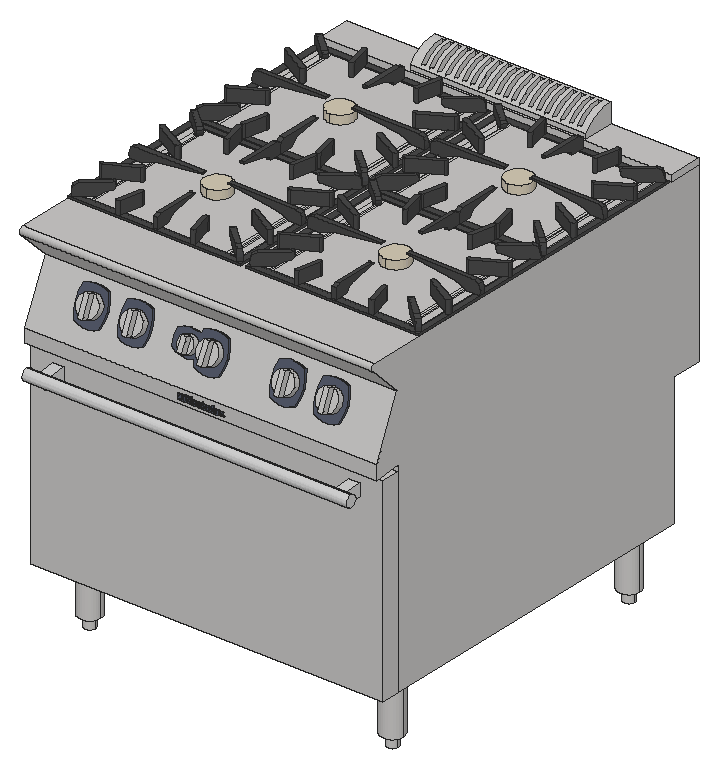
Revit family "QF_ELECTROLUXPROFESSIONAL_391005_E9GCGH4CG0", category Specialty Equipment, Revit 2018
Family settings
  Round Connector Dimension = Use Diameter
  Part Type = Normal
  Work Plane-Based = No
  Always vertical = Yes
  Cut with Voids When Loaded = No
  Shared = No
  Room Calculation Point = No
Parameters
  Weight in Pounds = 115
  Watts = 0 W
  URL Cutsheet = "www.electrolux.com"
  URL = "www.electrolux.com"
  Type Mark [instance] = ""
  Status [instance] = ""
  Specification by User [instance] = ""
  Specification by Manufacturer = ""
  Show Logo [instance] = yes
  Show Clearance [instance] = yes
  Serial Number = ""
  Seismic Rating = ""
  SMACNA No = ""
  Revision Code [instance] = ""
  Omniclass Number and Title = ""
  NAFEM Spec ID Number = ""
  Model = "391005"
  Mechanical Remarks [instance] = ""
  Mechanical Connection Type [instance] = ""
  Masterspec = ""
  Manufacturer = "ELECTROLUX"
  Item Number [instance] = ""
  Installed By [instance] = ""
  Identify Quantity as Lot [instance] = yes
  HP = "0 HP"
  Gas Size = 1/2"
  Gas RI Height [instance] = 0 mm
  Gas KW [instance] = 36.5
  Gas Input [instance] = 124429.0 Btu/h
  Gas Connection Height = 0 mm
  Furnished By [instance] = ""
  Foodservice Equipment Identifier [instance] = yes
  Direct Waste Size = 0"
  Description = "900XP 4 GAS BURNERS 6kW ON GAS OVEN"
  CSI MasterFormat = ""
  CSI Master Format = ""
Reference planes
  plane 1 "BACK": y = 0
  plane 2: z = 0
  plane 3 "LEFT": x = 0
  plane 4 "RIGHT": x = 800.1
  plane 5 "FRONT": y = -930.275
  plane 6 "TOP": z = 908.05
  plane 7 "Center Y": x = 400.05
  plane 8 "Center X": y = -465.137
  plane 9: z = 149.225
  plane 10: z = 1397
  plane 11: y = -80.962
  plane 12: z = 850
  plane 13: y = -128
  plane 14: y = -801.687
  plane 15: y = -576
  plane 16: y = -665
  plane 17: y = -1309
  plane 18: x = 744.1
  plane 19: x = 56
Forms (mm)
  Extrusion 1, solid, material "QF_Finishes_Stainless Steel"
    sketch origin (0, 0, 0) x (0, 1, 0) y (0, 0, 1)
      loop
        line (0, 449.262) -> (0, 850) -> (-922.302, 850)
        arc (-922.302, 850) -> (-930.275, 844.673) -> (-928.404, 835.268) r 8.63
        line (-928.404, 835.268) -> (-859.069, 765.933) -> (-916.765, 640.576) -> (-916.765, 609.279) -> (-856.641, 613.975)
        arc (-856.641, 613.975) -> (-854.117, 613.227) -> (-853.025, 610.831) r 3.175
        line (-853.025, 610.831) -> (-853.025, 149.225) -> (-71.438, 149.225) -> (-71.437, 449.263) -> (0, 449.262)
    from 0 to 800.1
  Revolve 2, solid, material "QF_Finishes_Stainless Steel"
    sketch origin (0, -801.687, 611.731) x (0, 0, -1) y (1, 0, 0)
      loop
        line (462.506, 55.562) -> (462.506, 30.162) -> (586.331, 30.162) -> (586.331, 42.862) -> (611.731, 42.862) -> (611.731, 55.562) -> (462.506, 55.562)
      axis (611.731, 55.562) -> (462.506, 55.562)
    angle from 0 to 360
  Revolve 3, solid, material "QF_Finishes_Stainless Steel"
    sketch origin (800.1, -801.687, 611.731) x (0, 0, -1) y (1, 0, 0)
      loop
        line (462.506, -55.562) -> (611.731, -55.562) -> (611.731, -42.862) -> (586.331, -42.862) -> (586.331, -30.162) -> (462.506, -30.162) -> (462.506, -55.562)
      axis (611.731, -55.562) -> (462.506, -55.562)
    angle from 0 to 360
  Revolve 4, solid, material "QF_Finishes_Stainless Steel"
    sketch origin (800.1, -128.588, 611.731) x (0, 0, -1) y (1, 0, 0)
      loop
        line (462.506, -55.562) -> (611.731, -55.562) -> (611.731, -42.862) -> (586.331, -42.862) -> (586.331, -30.162) -> (462.506, -30.162) -> (462.506, -55.562)
      axis (611.731, -55.562) -> (462.506, -55.562)
    angle from 0 to 360
  Revolve 5, solid, material "QF_Finishes_Stainless Steel"
    sketch origin (111.125, -128.588, 611.731) x (0, 0, -1) y (1, 0, 0)
      loop
        line (462.506, -55.562) -> (611.731, -55.562) -> (611.731, -42.862) -> (586.331, -42.862) -> (586.331, -30.162) -> (462.506, -30.162) -> (462.506, -55.562)
      axis (611.731, -55.562) -> (462.506, -55.562)
    angle from 0 to 360
  Extrusion 6, solid, material "QF_Finishes_Stainless Steel"
    sketch origin (0, 0, 0) x (0, 1, 0) y (0, 0, 1)
      loop
        line (0, 850) -> (0, 864.288) -> (-76.2, 864.288) -> (-76.2, 850) -> (0, 850)
    from 0 to 800.1
  Extrusion 7, void
    sketch origin (-65.011, 0, 865.138) x (-1, 0, 0) y (0, -1, 0)
      loop
        line (-295.005, 6.761) -> (-285.709, 6.761) -> (-285.709, 63.911) -> (-295.005, 63.911) -> (-295.005, 6.761)
      loop
        line (-313.697, 6.761) -> (-304.401, 6.761) -> (-304.401, 63.911) -> (-313.697, 63.911) -> (-313.697, 6.761)
      loop
        line (-332.39, 6.761) -> (-323.094, 6.761) -> (-323.094, 63.911) -> (-332.39, 63.911) -> (-332.39, 6.761)
      loop
        line (-351.082, 6.761) -> (-341.787, 6.761) -> (-341.787, 63.911) -> (-351.082, 63.911) -> (-351.082, 6.761)
      loop
        line (-369.775, 6.761) -> (-360.479, 6.761) -> (-360.479, 63.911) -> (-369.775, 63.911) -> (-369.775, 6.761)
      loop
        line (-388.468, 6.761) -> (-379.172, 6.761) -> (-379.172, 63.911) -> (-388.468, 63.911) -> (-388.468, 6.761)
      loop
        line (-407.16, 6.761) -> (-397.864, 6.761) -> (-397.864, 63.911) -> (-407.16, 63.911) -> (-407.16, 6.761)
      loop
        line (-425.853, 6.761) -> (-416.557, 6.761) -> (-416.557, 63.911) -> (-425.853, 63.911) -> (-425.853, 6.761)
      loop
        line (-444.545, 6.761) -> (-435.25, 6.761) -> (-435.25, 63.911) -> (-444.545, 63.911) -> (-444.545, 6.761)
      loop
        line (-463.238, 6.761) -> (-453.942, 6.761) -> (-453.942, 63.911) -> (-463.238, 63.911) -> (-463.238, 6.761)
      loop
        line (-481.931, 6.761) -> (-472.635, 6.761) -> (-472.635, 63.911) -> (-481.931, 63.911) -> (-481.931, 6.761)
      loop
        line (-500.623, 6.761) -> (-491.328, 6.761) -> (-491.328, 63.911) -> (-500.623, 63.911) -> (-500.623, 6.761)
      loop
        line (-519.316, 6.761) -> (-510.02, 6.761) -> (-510.02, 63.911) -> (-519.316, 63.911) -> (-519.316, 6.761)
      loop
        line (-538.008, 6.761) -> (-528.713, 6.761) -> (-528.713, 63.911) -> (-538.008, 63.911) -> (-538.008, 6.761)
      loop
        line (-556.701, 6.761) -> (-547.405, 6.761) -> (-547.405, 63.911) -> (-556.701, 63.911) -> (-556.701, 6.761)
      loop
        line (-575.394, 6.761) -> (-566.098, 6.761) -> (-566.098, 63.911) -> (-575.394, 63.911) -> (-575.394, 6.761)
      loop
        line (-594.086, 6.761) -> (-584.791, 6.761) -> (-584.791, 63.911) -> (-594.086, 63.911) -> (-594.086, 6.761)
      loop
        line (-612.779, 6.761) -> (-603.483, 6.761) -> (-603.483, 63.911) -> (-612.779, 63.911) -> (-612.779, 6.761)
      loop
        line (-631.472, 6.761) -> (-622.176, 6.761) -> (-622.176, 63.911) -> (-631.472, 63.911) -> (-631.472, 6.761)
      loop
        line (-650.164, 6.761) -> (-640.868, 6.761) -> (-640.868, 63.911) -> (-650.164, 63.911) -> (-650.164, 6.761)
    from 9.525 to 45.348
  Extrusion 8, solid, material "QF_Finishes_Stainless Steel"
    sketch origin (400.05, 175.397, 1219.2) x (0, 1, 0) y (0, 0, 1)
      loop
        line (-175.397, -354.912) -> (-175.397, -311.2)
        arc (-175.397, -311.2) -> (-214.469, -319.821) -> (-245.247, -345.387) r 84.854
        line (-245.247, -345.387) -> (-245.247, -354.912) -> (-175.397, -354.912)
    from -200.05 to 199.95
  Extrusion 9, solid, material "QF_Finishes_Navy Blue"
    sketch origin (0, -890.928, 697.612) x (0, -0.418102, -0.9084) y (1, 0, 0)
      loop
        arc (-53.776, 198.214) -> (-18.194, 190.589) -> (17.514, 197.596) r 90.5
        arc (17.514, 197.596) -> (24.34, 226.784) -> (17.514, 255.972) r 65.817
        arc (17.514, 255.972) -> (-18.193, 262.932) -> (-53.776, 255.359) r 91.066
        arc (-53.776, 255.359) -> (-60.332, 226.786) -> (-53.776, 198.214) r 65.546
      loop
        arc (-53.776, 98.214) -> (-18.194, 90.589) -> (17.514, 97.596) r 90.5
        arc (17.514, 97.596) -> (24.34, 126.784) -> (17.514, 155.972) r 65.817
        arc (17.514, 155.972) -> (-18.193, 162.932) -> (-53.776, 155.359) r 91.066
        arc (-53.776, 155.359) -> (-60.332, 126.786) -> (-53.776, 98.214) r 65.546
      loop
        arc (-53.776, 601.786) -> (-60.332, 573.214) -> (-53.776, 544.641) r 65.546
        arc (-53.776, 544.641) -> (-18.193, 537.068) -> (17.514, 544.028) r 91.066
        arc (17.514, 544.028) -> (24.34, 573.216) -> (17.514, 602.404) r 65.817
        arc (17.514, 602.404) -> (-18.194, 609.411) -> (-53.776, 601.786) r 90.5
      loop
        arc (-53.776, 701.786) -> (-60.332, 673.214) -> (-53.776, 644.641) r 65.546
        arc (-53.776, 644.641) -> (-18.193, 637.068) -> (17.514, 644.028) r 91.066
        arc (17.514, 644.028) -> (24.34, 673.216) -> (17.514, 702.404) r 65.817
        arc (17.514, 702.404) -> (-18.194, 709.411) -> (-53.776, 701.786) r 90.5
      loop
        arc (-40.159, 316.707) -> (-21.848, 313.911) -> (-3.351, 314.901) r 90.5
        arc (-3.351, 314.901) -> (6.915, 339.94) -> (6.238, 366.994) r 65.817
        arc (6.238, 366.994) -> (11.94, 368.741) -> (17.514, 370.86) r 90.5
        arc (17.514, 370.86) -> (24.34, 400.048) -> (17.514, 429.235) r 65.817
        arc (17.514, 429.235) -> (-18.193, 436.195) -> (-53.776, 428.623) r 91.066
        arc (-53.776, 428.623) -> (-60.332, 400.05) -> (-53.776, 371.477) r 65.546
        arc (-53.776, 371.477) -> (-49.379, 369.684) -> (-44.894, 368.124) r 90.5
        arc (-44.894, 368.124) -> (-47.802, 341.929) -> (-40.159, 316.707) r 65.546
    from 0 to 3.175
  Extrusion 10, solid, material "QF_Finishes_Stainless Steel"
    sketch origin (0, -893.812, 698.94) x (0, -0.418102, -0.9084) y (1, 0, 0)
      loop
        circle (-18.131, 227.457) r 25.4
      loop
        circle (-18.131, 127.457) r 25.4
      loop
        circle (-18.131, 572.543) r 25.4
      loop
        circle (-18.131, 672.543) r 25.4
      loop
        circle (-18.131, 349.957) r 19.05
      loop
        circle (-18.131, 400.05) r 25.4
    from 0 to 12.7
  Extrusion 11, solid, material "QF_Finishes_Stainless Steel"
    sketch origin (0, -905.349, 704.25) x (0, -0.418102, -0.9084) y (1, 0, 0)
      loop
        arc (-42.863, 233.243) -> (-43.531, 227.457) -> (-42.863, 221.671) r 25.4
        line (-42.863, 221.671) -> (6.601, 221.671)
        arc (6.601, 221.671) -> (7.269, 227.457) -> (6.601, 233.243) r 25.4
        line (6.601, 233.243) -> (-42.863, 233.243)
      loop
        arc (-42.863, 133.243) -> (-43.531, 127.457) -> (-42.863, 121.671) r 25.4
        line (-42.863, 121.671) -> (6.601, 121.671)
        arc (6.601, 121.671) -> (7.269, 127.457) -> (6.601, 133.243) r 25.4
        line (6.601, 133.243) -> (-42.863, 133.243)
      loop
        arc (-34.426, 356.459) -> (-35.24, 350.69) -> (-34.719, 344.887) r 25.4
        line (-34.719, 344.887) -> (-2.956, 344.887)
        arc (-2.956, 344.887) -> (-2.067, 350.647) -> (-2.515, 356.459) r 25.4
        line (-2.515, 356.459) -> (-34.426, 356.459)
      loop
        arc (-42.863, 579.675) -> (-43.531, 573.889) -> (-42.863, 568.102) r 25.4
        line (-42.863, 568.102) -> (6.601, 568.102)
        arc (6.601, 568.102) -> (7.269, 573.889) -> (6.601, 579.675) r 25.4
        line (6.601, 579.675) -> (-42.863, 579.675)
      loop
        arc (-42.863, 679.675) -> (-43.531, 673.889) -> (-42.863, 668.102) r 25.4
        line (-42.863, 668.102) -> (6.601, 668.102)
        arc (6.601, 668.102) -> (7.269, 673.889) -> (6.601, 679.675) r 25.4
        line (6.601, 679.675) -> (-42.863, 679.675)
      loop
        arc (-42.863, 405.836) -> (-43.531, 400.05) -> (-42.863, 394.264) r 25.4
        line (-42.863, 394.264) -> (6.601, 394.264)
        arc (6.601, 394.264) -> (7.269, 400.05) -> (6.601, 405.836) r 25.4
        line (6.601, 405.836) -> (-42.863, 405.836)
    from 0 to 12.7
  Extrusion 12, solid, material "QF_Finishes_Navy Blue", visible <- "Show Logo"
    sketch origin (0, -916.765, 609.279) x (0, 0, 1) y (-1, 0, 0)
      loop
        line (21.268, -357.807) -> (8.901, -357.807)
        arc (8.901, -357.807) -> (15.085, -362.379) -> (21.268, -357.807) r 6.467
      loop
        arc (21.268, -357.178) -> (20.099, -352.035) -> (15.443, -349.557) r 6.338
        line (15.443, -349.557) -> (15.443, -351.603)
        arc (15.443, -351.603) -> (16.927, -355.258) -> (20.372, -357.178) r 5.941
        line (20.372, -357.178) -> (21.268, -357.178)
      loop
        arc (9.797, -357.178) -> (13.242, -355.258) -> (14.726, -351.603) r 5.941
        line (14.726, -351.603) -> (14.726, -349.557)
        arc (14.726, -349.557) -> (10.032, -352.031) -> (8.742, -357.178) r 6.504
        line (8.742, -357.178) -> (9.797, -357.178)
      loop
        line (21.943, -349.088) -> (8.198, -349.088) -> (8.198, -362.851) -> (21.943, -362.851) -> (21.943, -349.088)
      loop
        arc (22.026, -365.819) -> (21.679, -365.461) -> (21.312, -365.799) r 0.358
        arc (21.312, -365.799) -> (20.997, -366.549) -> (20.281, -366.934) r 1.216
        line (20.281, -366.934) -> (9.868, -366.934)
        arc (9.868, -366.934) -> (9.208, -366.657) -> (8.812, -366.06) r 1.238
        arc (8.812, -366.06) -> (8.417, -365.809) -> (8.112, -366.163) r 0.358
        line (8.112, -366.163) -> (8.112, -376.042) -> (10.863, -376.042) -> (10.863, -375.145)
        arc (10.863, -375.145) -> (9.954, -374.565) -> (9.498, -373.588) r 1.928
        line (9.498, -373.588) -> (9.498, -371.089)
        arc (9.498, -371.089) -> (9.774, -370.36) -> (10.462, -369.996) r 1.101
        line (10.462, -369.996) -> (14.549, -369.996) -> (14.549, -373.67)
        arc (14.549, -373.67) -> (14.196, -374.167) -> (13.631, -374.395) r 1.083
        arc (13.631, -374.395) -> (13.367, -374.7) -> (13.659, -374.978) r 0.292
        line (13.659, -374.978) -> (16.621, -374.978)
        arc (16.621, -374.978) -> (16.924, -374.705) -> (16.686, -374.375) r 0.305
        arc (16.686, -374.375) -> (16.195, -374.127) -> (15.89, -373.67) r 1.083
        line (15.89, -373.67) -> (15.89, -369.996) -> (20.567, -369.996) -> (20.567, -373.744)
        arc (20.567, -373.744) -> (20.353, -374.499) -> (19.747, -374.997) r 1.314
        arc (19.747, -374.997) -> (19.527, -375.401) -> (19.882, -375.694) r 0.361
        line (19.882, -375.694) -> (22.026, -375.694) -> (22.026, -365.819)
      loop
        arc (21.309, -376.474) -> (20.928, -377.393) -> (20.01, -377.773) r 1.299
        line (20.01, -377.773) -> (10.431, -377.773)
        arc (10.431, -377.773) -> (9.593, -377.395) -> (9.321, -376.517) r 1.118
        line (9.321, -376.517) -> (8.112, -376.517) -> (8.112, -381.867) -> (9.3, -381.867)
        arc (9.3, -381.867) -> (9.572, -380.95) -> (10.442, -380.554) r 1.153
        line (10.442, -380.554) -> (22.514, -380.554) -> (21.309, -376.474)
      loop
        line (13.077, -384.503) -> (13.077, -390.951) -> (13.876, -390.951)
        arc (13.876, -390.951) -> (16.456, -389.966) -> (17.725, -387.513) r 3.874
        line (17.725, -387.513) -> (17.725, -385.752)
        arc (17.725, -385.752) -> (16.538, -382.887) -> (13.674, -381.701) r 4.051
        line (13.674, -381.701) -> (11.666, -381.701)
        arc (11.666, -381.701) -> (8.847, -383.186) -> (7.795, -386.193) r 4.352
        arc (7.795, -386.193) -> (8.16, -388.656) -> (9.537, -390.73) r 5.713
        line (9.537, -390.73) -> (10.486, -390.73)
        arc (10.486, -390.73) -> (9.754, -389.161) -> (9.537, -387.443) r 5.579
        arc (9.537, -387.443) -> (10.331, -385.48) -> (12.21, -384.503) r 3.057
        line (12.21, -384.503) -> (13.077, -384.503)
      loop
        line (14.336, -384.503) -> (14.336, -388.085)
        arc (14.336, -388.085) -> (15.793, -388.133) -> (16.676, -386.973) r 1.59
        line (16.676, -386.973) -> (16.676, -386.143)
        arc (16.676, -386.143) -> (15.811, -384.888) -> (14.336, -384.503) r 2.184
      loop
        arc (17.127, -400.368) -> (17.616, -398.694) -> (17.773, -396.957) r 9.023
        line (17.773, -396.957) -> (17.773, -395.595)
        arc (17.773, -395.595) -> (16.614, -392.795) -> (13.814, -391.636) r 3.959
        line (13.814, -391.636) -> (11.214, -391.636)
        arc (11.214, -391.636) -> (8.932, -392.928) -> (7.815, -395.301) r 4.331
        line (7.815, -395.301) -> (7.815, -397.436)
        arc (7.815, -397.436) -> (8.323, -398.986) -> (9.245, -400.332) r 5.772
        arc (9.245, -400.332) -> (10.006, -400.383) -> (10.093, -399.624) r 0.553
        arc (10.093, -399.624) -> (9.705, -398.89) -> (9.571, -398.071) r 2.573
        line (9.571, -398.071) -> (9.571, -396.556)
        arc (9.571, -396.556) -> (10.577, -394.915) -> (12.392, -394.272) r 2.884
        line (12.392, -394.272) -> (13.67, -394.272)
        arc (13.67, -394.272) -> (15.492, -394.832) -> (16.418, -396.497) r 2.554
        line (16.418, -396.497) -> (16.418, -397.55)
        arc (16.418, -397.55) -> (16.087, -398.478) -> (15.43, -399.213) r 2.564
        arc (15.43, -399.213) -> (15.208, -399.93) -> (15.817, -400.368) r 0.643
        line (15.817, -400.368) -> (17.127, -400.368)
      loop
        line (16.109, -400.638) -> (16.109, -402.139) -> (10.061, -402.139)
        arc (10.061, -402.139) -> (8.473, -402.797) -> (7.815, -404.385) r 2.246
        line (7.815, -404.385) -> (7.815, -405.969)
        arc (7.815, -405.969) -> (8.129, -406.834) -> (8.629, -407.605) r 4.06
        arc (8.629, -407.605) -> (9.362, -407.738) -> (9.613, -407.037) r 0.576
        arc (9.613, -407.037) -> (9.507, -406.512) -> (9.571, -405.979) r 1.69
        arc (9.571, -405.979) -> (10.113, -405.191) -> (11.019, -404.888) r 1.506
        line (11.019, -404.888) -> (16.157, -404.888) -> (16.157, -407.285) -> (16.713, -407.842) -> (17.535, -407.842) -> (17.535, -404.982) -> (20.766, -404.982) -> (16.109, -400.638)
      loop
        line (8.032, -408.739) -> (8.032, -414.126) -> (9.142, -414.126)
        arc (9.142, -414.126) -> (9.536, -413.175) -> (10.487, -412.781) r 1.345
        line (10.487, -412.781) -> (14.103, -412.781)
        arc (14.103, -412.781) -> (14.868, -413.373) -> (15.157, -414.295) r 1.615
        line (15.157, -414.295) -> (15.157, -415.851) -> (17.713, -416.536) -> (17.713, -415.153) -> (15.771, -412.594) -> (17.651, -412.594) -> (17.367, -409.888)
        arc (17.367, -409.888) -> (16.927, -409.358) -> (16.268, -409.559) r 0.621
        arc (16.268, -409.559) -> (15.868, -409.901) -> (15.374, -410.084) r 1.501
        line (15.374, -410.084) -> (10.487, -410.084)
        arc (10.487, -410.084) -> (9.536, -409.69) -> (9.142, -408.739) r 1.345
        line (9.142, -408.739) -> (8.032, -408.739)
      loop
        line (14.134, -416.073) -> (11.442, -416.073)
        arc (11.442, -416.073) -> (8.996, -417.381) -> (7.863, -419.912) r 4.288
        arc (7.863, -419.912) -> (7.799, -421.292) -> (7.863, -422.672) r 15.022
        arc (7.863, -422.672) -> (8.996, -425.203) -> (11.442, -426.51) r 4.288
        line (11.442, -426.51) -> (14.134, -426.51)
        arc (14.134, -426.51) -> (16.579, -425.203) -> (17.713, -422.672) r 4.288
        arc (17.713, -422.672) -> (17.777, -421.292) -> (17.713, -419.912) r 15.022
        arc (17.713, -419.912) -> (16.579, -417.381) -> (14.134, -416.073) r 4.288
      loop
        line (14.339, -419.187) -> (11.237, -419.187)
        arc (11.237, -419.187) -> (9.08, -421.344) -> (11.237, -423.501) r 2.157
        line (11.237, -423.501) -> (14.339, -423.501)
        arc (14.339, -423.501) -> (16.496, -421.344) -> (14.339, -419.187) r 2.157
      loop
        arc (21.32, -426.369) -> (20.949, -427.263) -> (20.055, -427.633) r 1.264
        line (20.055, -427.633) -> (10.191, -427.633)
        arc (10.191, -427.633) -> (9.321, -427.236) -> (9.049, -426.32) r 1.153
        line (9.049, -426.32) -> (8.112, -426.32) -> (8.112, -431.428) -> (9.04, -431.428)
        arc (9.04, -431.428) -> (9.399, -430.656) -> (10.191, -430.341) r 1.153
        line (10.191, -430.341) -> (22.514, -430.341) -> (21.32, -426.369)
      loop
        arc (16.44, -430.966) -> (16.241, -432.03) -> (15.272, -432.512) r 1.215
        line (15.272, -432.512) -> (10.252, -432.512)
        arc (10.252, -432.512) -> (8.637, -433.16) -> (7.916, -434.743) r 2.338
        line (7.916, -434.743) -> (7.916, -436.257)
        arc (7.916, -436.257) -> (8.091, -437.261) -> (8.593, -438.147) r 2.979
        line (8.593, -438.147) -> (8.112, -439.944) -> (8.112, -441.633) -> (17.537, -441.633) -> (17.243, -437.429) -> (16.457, -437.429)
        arc (16.457, -437.429) -> (16.101, -438.265) -> (15.349, -438.774) r 1.605
        line (15.349, -438.774) -> (10.246, -438.774)
        arc (10.246, -438.774) -> (9.826, -437.837) -> (9.753, -436.813) r 2.94
        arc (9.753, -436.813) -> (10.314, -435.712) -> (11.467, -435.269) r 1.724
        line (11.467, -435.269) -> (17.664, -435.269) -> (16.44, -430.966)
      loop
        line (17.468, -442.486) -> (15.796, -444.532) -> (12.622, -446.838) -> (9.166, -443.726)
        arc (9.166, -443.726) -> (8.928, -443.332) -> (8.951, -442.873) r 0.789
        line (8.951, -442.873) -> (8.112, -442.873) -> (8.112, -446.418) -> (8.938, -446.418)
        arc (8.938, -446.418) -> (9.28, -446.056) -> (9.77, -446.148) r 0.52
        line (9.77, -446.148) -> (11.57, -447.619) -> (9.452, -448.995)
        arc (9.452, -448.995) -> (9.051, -448.685) -> (8.964, -448.185) r 0.7
        line (8.964, -448.185) -> (8.112, -448.185) -> (8.112, -454.112) -> (8.998, -454.112)
        arc (8.998, -454.112) -> (9.065, -453.453) -> (9.46, -452.922) r 1.247
        line (9.46, -452.922) -> (13.66, -449.641) -> (16.107, -451.694) -> (17.468, -453.436) -> (17.468, -449.713) -> (15.983, -450.135) -> (14.462, -448.858) -> (16.162, -447.668) -> (17.468, -448.445) -> (17.468, -442.486)
    from 0 to 1.644
  Extrusion 13, solid, material "QF_Finishes_Stainless Steel"
    sketch origin (0, -853.025, 610.831) x (0, 0, -1) y (1, 0, 0)
      loop
        line (460.831, 0) -> (460.831, 800) -> (9.61, 800) -> (9.61, 0) -> (460.831, 0)
    from 3.175 to 46.663
  Extrusion 14, solid, material "QF_Finishes_Handrails and Railings"
    sketch origin (50.8, -1053.827, 150) x (0, 0, 1) y (0, 1, 0)
      loop
        circle (420.409, 103.146) r 12.7
    from 19.875 to -718.375
  Extrusion 15, solid, material "QF_Finishes_Handrails and Railings"
    sketch origin (800, -1053.827, 150) x (0, 0, 1) y (0, -1, 0)
      loop
        line (429.101, -153.025) -> (426.396, -114.347)
        arc (426.396, -114.347) -> (412.589, -113.153) -> (408.093, -100.044) r 12.7
        arc (408.093, -100.044) -> (407.276, -100.585) -> (406.501, -101.183) r 13.441
        arc (406.501, -101.183) -> (405.055, -102.989) -> (404.435, -105.216) r 5.77
        line (404.435, -105.216) -> (401.092, -153.025) -> (429.101, -153.025)
    from -50.7 to -76.1
  Extrusion 16, solid, material "QF_Finishes_Handrails and Railings"
    sketch origin (0.1, -1053.827, 150) x (0, 0, 1) y (0, 1, 0)
      loop
        line (429.101, 153.025) -> (401.092, 153.025) -> (404.435, 105.216)
        arc (404.435, 105.216) -> (405.055, 102.989) -> (406.501, 101.183) r 5.77
        arc (406.501, 101.183) -> (407.276, 100.585) -> (408.093, 100.044) r 13.441
        arc (408.093, 100.044) -> (412.589, 113.153) -> (426.396, 114.347) r 12.7
        line (426.396, 114.347) -> (429.101, 153.025)
    from -50.7 to -76.1
  Extrusion 17, solid, material "QF_Door-Drawer Clearances", visible <- "Show Clearance", detail levels coarse
    sketch origin (800, -853.025, 150) x (0, 0, 1) y (0, -1, 0)
      loop
        line (0, 455.843) -> (0, 46.663) -> (451.222, 46.663)
        arc (451.222, 46.663) -> (302.118, 335.621) -> (0, 455.843) r 464.165
    from 0 to -800
  Extrusion 18, solid, material "QF_Finishes_Stainless Steel"
    sketch origin (0, -853.025, 149.225) x (1, 0, 0) y (0, -1, 0)
      loop
        circle (749.3, -187.862) r 6.4
      loop
        circle (757.1, -277.025) r 6.4
    from 0 to 20.638
  Extrusion 19, solid, material "QF_Clearances", visible <- "Show Clearance", detail levels coarse
    sketch origin (0, 0, 0) x (1, 0, 0) y (0, 1, 0)
      loop
        line (-100.013, -930.275) -> (0, -930.275) -> (0, 0) -> (800.1, 0) -> (800.1, -930.275) -> (900.113, -930.275) -> (900.113, 100.013) -> (-100.013, 100.013) -> (-100.013, -930.275)
    from 0 to 908.05
Cuts and joins
  Extrusion 7 cuts Extrusion 8
Lines and regions (mm)
  symbolic lines, style "QF_Clearances", visible <- "Show Clearance", detail levels coarse
    curve 1: line (-100.013, -930.275, 0) -> (-100.012, 100.013, 0)
    curve 2: line (-100.013, 100.013, 0) -> (900.113, 100.013, 0)
    curve 3: line (900.113, 100.013, 0) -> (900.113, -929.879, 0)
  symbolic lines
    curve 4: line (0, 0, 0) -> (800.1, 0, 0)
    curve 5: line (800.1, 0, 0) -> (800.1, -930.275, 0)
    curve 6: line (0, -930.275, 0) -> (0, 0, 0)
    curve 7: line (0, -76.2, 0) -> (800.1, -76.2, 0)
    curve 8: line (0, -930.275, 0) -> (800.1, -930.275, 0)
    curve 12: line (769.175, -963.381, 0) -> (30.925, -963.381, 0)
    curve 13: line (30.925, -963.381, 0) -> (30.925, -937.981, 0)
    curve 14: line (769.175, -963.381, 0) -> (769.175, -937.981, 0)
    curve 15: line (769.175, -937.981, 0) -> (749.3, -937.981, 0)
    curve 16: line (749.3, -953.783, 0) -> (749.3, -930.275, 0)
    curve 17: line (723.9, -953.783, 0) -> (723.9, -930.275, 0)
    curve 18: line (723.9, -937.981, 0) -> (76.2, -937.981, 0)
    curve 19: line (30.925, -937.981, 0) -> (50.8, -937.981, 0)
    curve 20: line (50.8, -930.275, 0) -> (50.8, -953.783, 0)
    curve 21: line (50.8, -953.783, 0) -> (76.2, -953.783, 0)
    curve 22: line (76.2, -953.783, 0) -> (76.2, -930.275, 0)
    curve 23: line (749.3, -953.783, 0) -> (723.9, -953.783, 0)
    curve 24: line (200, -69.85, 0) -> (200, 0, 0)
    curve 25: line (200, -69.85, 0) -> (600, -69.85, 0)
    curve 26: line (600, -69.85, 0) -> (600, 0, 0)
    curve 27: line (585.153, -6.761, 0) -> (585.153, -63.911, 0)
    curve 28: line (585.153, -63.911, 0) -> (575.857, -63.911, 0)
    curve 29: line (575.857, -63.911, 0) -> (575.857, -6.761, 0)
    curve 30: line (575.857, -6.761, 0) -> (585.153, -6.761, 0)
    curve 31: line (566.461, -6.761, 0) -> (566.461, -63.911, 0)
    curve 32: line (566.461, -63.911, 0) -> (557.165, -63.911, 0)
    curve 33: line (557.165, -63.911, 0) -> (557.165, -6.761, 0)
    curve 34: line (557.165, -6.761, 0) -> (566.461, -6.761, 0)
    curve 35: line (547.768, -6.761, 0) -> (547.768, -63.911, 0)
    curve 36: line (547.768, -63.911, 0) -> (538.472, -63.911, 0)
    curve 37: line (538.472, -63.911, 0) -> (538.472, -6.761, 0)
    curve 38: line (538.472, -6.761, 0) -> (547.768, -6.761, 0)
    curve 39: line (529.075, -6.761, 0) -> (529.075, -63.911, 0)
    curve 40: line (529.075, -63.911, 0) -> (519.78, -63.911, 0)
    curve 41: line (519.78, -63.911, 0) -> (519.78, -6.761, 0)
    curve 42: line (519.78, -6.761, 0) -> (529.075, -6.761, 0)
    curve 43: line (510.383, -6.761, 0) -> (510.383, -63.911, 0)
    curve 44: line (510.383, -63.911, 0) -> (501.087, -63.911, 0)
    curve 45: line (501.087, -63.911, 0) -> (501.087, -6.761, 0)
    curve 46: line (501.087, -6.761, 0) -> (510.383, -6.761, 0)
    curve 47: line (491.69, -6.761, 0) -> (491.69, -63.911, 0)
    curve 48: line (491.69, -63.911, 0) -> (482.394, -63.911, 0)
    curve 49: line (482.394, -63.911, 0) -> (482.394, -6.761, 0)
    curve 50: line (482.394, -6.761, 0) -> (491.69, -6.761, 0)
    curve 51: line (472.998, -6.761, 0) -> (472.998, -63.911, 0)
    curve 52: line (472.998, -63.911, 0) -> (463.702, -63.911, 0)
    curve 53: line (463.702, -63.911, 0) -> (463.702, -6.761, 0)
    curve 54: line (463.702, -6.761, 0) -> (472.998, -6.761, 0)
    curve 55: line (454.305, -6.761, 0) -> (454.305, -63.911, 0)
    curve 56: line (454.305, -63.911, 0) -> (445.009, -63.911, 0)
    curve 57: line (445.009, -63.911, 0) -> (445.009, -6.761, 0)
    curve 58: line (445.009, -6.761, 0) -> (454.305, -6.761, 0)
    curve 59: line (435.612, -6.761, 0) -> (435.612, -63.911, 0)
    curve 60: line (435.612, -63.911, 0) -> (426.317, -63.911, 0)
    curve 61: line (426.317, -63.911, 0) -> (426.317, -6.761, 0)
    curve 62: line (426.317, -6.761, 0) -> (435.612, -6.761, 0)
    curve 63: line (416.92, -6.761, 0) -> (416.92, -63.911, 0)
    curve 64: line (416.92, -63.911, 0) -> (407.624, -63.911, 0)
    curve 65: line (407.624, -63.911, 0) -> (407.624, -6.761, 0)
    curve 66: line (407.624, -6.761, 0) -> (416.92, -6.761, 0)
    curve 67: line (398.227, -6.761, 0) -> (398.227, -63.911, 0)
    curve 68: line (398.227, -63.911, 0) -> (388.931, -63.911, 0)
    curve 69: line (388.931, -63.911, 0) -> (388.931, -6.761, 0)
    curve 70: line (388.931, -6.761, 0) -> (398.227, -6.761, 0)
    curve 71: line (379.534, -6.761, 0) -> (379.534, -63.911, 0)
    curve 72: line (379.534, -63.911, 0) -> (370.239, -63.911, 0)
    curve 73: line (370.239, -63.911, 0) -> (370.239, -6.761, 0)
    curve 74: line (370.239, -6.761, 0) -> (379.534, -6.761, 0)
    curve 75: line (360.842, -6.761, 0) -> (360.842, -63.911, 0)
    curve 76: line (360.842, -63.911, 0) -> (351.546, -63.911, 0)
    curve 77: line (351.546, -63.911, 0) -> (351.546, -6.761, 0)
    curve 78: line (351.546, -6.761, 0) -> (360.842, -6.761, 0)
    curve 79: line (342.149, -6.761, 0) -> (342.149, -63.911, 0)
    curve 80: line (342.149, -63.911, 0) -> (332.854, -63.911, 0)
    curve 81: line (332.854, -63.911, 0) -> (332.854, -6.761, 0)
    curve 82: line (332.854, -6.761, 0) -> (342.149, -6.761, 0)
    curve 83: line (323.457, -6.761, 0) -> (323.457, -63.911, 0)
    curve 84: line (323.457, -63.911, 0) -> (314.161, -63.911, 0)
    curve 85: line (314.161, -63.911, 0) -> (314.161, -6.761, 0)
    curve 86: line (314.161, -6.761, 0) -> (323.457, -6.761, 0)
    curve 87: line (304.764, -6.761, 0) -> (304.764, -63.911, 0)
    curve 88: line (304.764, -63.911, 0) -> (295.468, -63.911, 0)
    curve 89: line (295.468, -63.911, 0) -> (295.468, -6.761, 0)
    curve 90: line (295.468, -6.761, 0) -> (304.764, -6.761, 0)
    curve 91: line (286.071, -6.761, 0) -> (286.071, -63.911, 0)
    curve 92: line (286.071, -63.911, 0) -> (276.776, -63.911, 0)
    curve 93: line (276.776, -63.911, 0) -> (276.776, -6.761, 0)
    curve 94: line (276.776, -6.761, 0) -> (286.071, -6.761, 0)
    curve 95: line (267.379, -6.761, 0) -> (267.379, -63.911, 0)
    curve 96: line (267.379, -63.911, 0) -> (258.083, -63.911, 0)
    curve 97: line (258.083, -63.911, 0) -> (258.083, -6.761, 0)
    curve 98: line (258.083, -6.761, 0) -> (267.379, -6.761, 0)
    curve 99: line (248.686, -6.761, 0) -> (248.686, -63.911, 0)
    curve 100: line (248.686, -63.911, 0) -> (239.39, -63.911, 0)
    curve 101: line (239.39, -63.911, 0) -> (239.39, -6.761, 0)
    curve 102: line (239.39, -6.761, 0) -> (248.686, -6.761, 0)
    curve 103: line (229.994, -6.761, 0) -> (229.994, -63.911, 0)
    curve 104: line (229.994, -63.911, 0) -> (220.698, -63.911, 0)
    curve 105: line (220.698, -63.911, 0) -> (220.698, -6.761, 0)
    curve 106: line (220.698, -6.761, 0) -> (229.994, -6.761, 0)
  symbolic lines, style "QF_Door-Drawer Clearances"
    curve 9: line (0, -1308.868, 0) -> (800, -1308.868, 0)
    curve 10: line (800, -1308.868, 0) -> (800, -928.868, 0)
    curve 11: line (0, -1308.868, 0) -> (0, -930.275, 0)
Dimensions and locks
  equal spacing: plane 3 "LEFT", plane 7 "Center Y", plane 4 "RIGHT"
  plane 3 "LEFT" to plane 4 "RIGHT" = 800.1 mm
  equal spacing: plane 5 "FRONT", plane 8 "Center X", plane 1 "BACK"
  plane 5 "FRONT" to plane 1 "BACK" = 930.275 mm  (x2)
  plane 6 "TOP" to plane 2 = 908.05 mm
  plane 9 to plane 2 = 149.225 mm  (x2)
  plane 10 to plane 6 "TOP" = 488.95 mm
  plane 10 to plane 2 = 1397 mm
  plane 10 to plane 9 = 1247.775 mm
  plane 6 "TOP" to plane 12 = 58.05 mm
  plane 12 to plane 2 = 850 mm
  plane 13 to plane 1 "BACK" = 128 mm
  plane 14 to plane 13 = 673.688 mm
  Extrusion 1 sketch curve to plane 1 "BACK" = 71.438 mm
  Extrusion 1 sketch curve to plane 9 = 300.038 mm
  Extrusion 18 sketch curve to plane 4 "RIGHT" = 50.8 mm
  Extrusion 18 sketch curve to plane 1 "BACK" = 665.163 mm
  Extrusion 18 to plane 2 = 128.588 mm
  plane 9 to Extrusion 1 = 300.037 mm
  Extrusion 1 to plane 1 "BACK" = 71.438 mm
  Extrusion 18 sketch curve to plane 1 "BACK" = 576 mm
  Extrusion 18 sketch curve to plane 4 "RIGHT" = 43 mm
  plane 16 to plane 1 "BACK" = 665 mm
  plane 15 to plane 1 "BACK" = 576 mm
  plane 17 to plane 1 "BACK" = 1309 mm
  Extrusion 17 to plane 14 = 98 mm
  Extrusion 17 to plane 1 "BACK" = 899.687 mm
  plane 3 "LEFT" to plane 19 to plane 18 to plane 4 "RIGHT" = 56 mm, 688.1 mm, 56 mm
  aligned and locked: level to plane 2
  aligned and locked: Extrusion 1 to plane 4 "RIGHT"
  aligned and locked: plane 14 to Revolve 2
  aligned and locked: Extrusion 6 to plane 4 "RIGHT"
  aligned and locked: Extrusion 17 to Extrusion 13
  aligned and locked: plane 6 "TOP" to Extrusion 19
Automatic sketch dimensions
  Extrusion 1 sketch curve to plane 12 = 0 mm
  Extrusion 1 sketch curve to plane 9 = 0 mm
  Extrusion 1 sketch curve to plane 1 "BACK" = 0 mm
  plane 14 to Extrusion 1 sketch curve = 51.337 mm
  Extrusion 1 sketch curve to Extrusion 1 sketch curve = 3.175 mm
  Extrusion 1 sketch curve to Extrusion 1 sketch curve = 0.442 mm
  Extrusion 1 sketch curve to plane 5 "FRONT" = 1.871 mm
  Extrusion 1 sketch curve to plane 12 = 240.721 mm
  Extrusion 1 sketch curve to Extrusion 1 sketch curve = 1.552 mm
  Extrusion 1 sketch curve to Extrusion 1 sketch curve = 31.298 mm
  Extrusion 1 sketch curve to plane 12 = 84.067 mm
  Extrusion 1 sketch curve to plane 12 = 14.732 mm
  Revolve 2 sketch curve to plane 9 = 0 mm
  Revolve 2 sketch curve to level = 0 mm
  Revolve 2 sketch curve to Revolve 2 sketch curve = 32.525 mm
  Revolve 2 sketch curve to Revolve 2 sketch curve = 50.8 mm
  level to Revolve 2 sketch curve = 25.4 mm
  Revolve 2 sketch curve to Revolve 2 sketch curve = 12.7 mm  (x2)
  Revolve 3 sketch curve to plane 9 = 0 mm
  Revolve 3 sketch curve to level = 0 mm
  Revolve 3 sketch curve to Revolve 3 sketch curve = 32.525 mm
  Revolve 3 sketch curve to Revolve 3 sketch curve = 50.8 mm
  level to Revolve 3 sketch curve = 25.4 mm
  Revolve 3 sketch curve to Revolve 3 sketch curve = 12.7 mm
  Revolve 3 sketch curve to Revolve 3 sketch curve = 25.4 mm
  Revolve 4 sketch curve to plane 9 = 0 mm
  Revolve 4 sketch curve to level = 0 mm
  Revolve 4 sketch curve to Revolve 4 sketch curve = 32.525 mm
  Revolve 4 sketch curve to Revolve 4 sketch curve = 50.8 mm
  level to Revolve 4 sketch curve = 25.4 mm
  Revolve 4 sketch curve to Revolve 4 sketch curve = 12.7 mm
  Revolve 4 sketch curve to Revolve 4 sketch curve = 25.4 mm
  Revolve 5 sketch curve to plane 9 = 0 mm
  Revolve 5 sketch curve to level = 0 mm
  Revolve 5 sketch curve to Revolve 5 sketch curve = 32.525 mm
  Revolve 5 sketch curve to Revolve 5 sketch curve = 50.8 mm
  level to Revolve 5 sketch curve = 25.4 mm
  Extrusion 6 sketch curve to plane 12 = 0 mm
  Extrusion 6 sketch curve to plane 1 "BACK" = 0 mm
  plane 11 to Extrusion 6 sketch curve = 4.763 mm
  plane 12 to Extrusion 6 sketch curve = 14.288 mm
  plane 11 to Extrusion 7 sketch curve = 17.052 mm  (x19)
  Extrusion 7 sketch curve to Extrusion 7 sketch curve = 9.296 mm  (x20)
  Extrusion 7 sketch curve to Extrusion 7 sketch curve = 9.397 mm  (x18)
  plane 7 "Center Y" to Extrusion 7 sketch curve = 7.574 mm
  Extrusion 7 sketch curve to plane 7 "Center Y" = 1.823 mm
  Extrusion 7 sketch curve to Extrusion 7 sketch curve = 0 mm
  plane 1 "BACK" to Extrusion 7 sketch curve = 6.761 mm  (x20)
  Extrusion 8 sketch curve to plane 1 "BACK" = 0 mm
  plane 1 "BACK" to Extrusion 8 sketch curve = 1.769 mm
  plane 11 to Extrusion 8 sketch curve = 11.113 mm
  Extrusion 8 sketch curve to plane 12 = 26.835 mm
  plane 12 to Extrusion 8 sketch curve = 14.288 mm
  Extrusion 8 sketch curve to Extrusion 8 sketch curve = 9.525 mm
  Extrusion 9 sketch curve to Extrusion 9 sketch curve = 0 mm  (x13)
  Extrusion 9 sketch curve to plane 7 "Center Y" = 0 mm
  Extrusion 9 sketch curve to plane 7 "Center Y" = 48.195 mm
  Extrusion 9 sketch curve to Extrusion 9 sketch curve = 4.038 mm  (x2)
  plane 7 "Center Y" to Extrusion 9 sketch curve = 28.573 mm
  Extrusion 9 sketch curve to Extrusion 9 sketch curve = 8.882 mm
  Extrusion 9 sketch curve to Extrusion 9 sketch curve = 12.3 mm  (x14)
  Extrusion 9 sketch curve to plane 7 "Center Y" = 0.002 mm
  Extrusion 9 sketch curve to Extrusion 9 sketch curve = 17.655 mm
  Extrusion 9 sketch curve to Extrusion 9 sketch curve = 36.365 mm  (x6)
  Extrusion 9 sketch curve to Extrusion 9 sketch curve = 22.748 mm
  Extrusion 9 sketch curve to Extrusion 9 sketch curve = 27.483 mm
  plane 7 "Center Y" to Extrusion 9 sketch curve = 4.252 mm
  Extrusion 9 sketch curve to Extrusion 9 sketch curve = 24.066 mm
  Extrusion 9 sketch curve to Extrusion 9 sketch curve = 14.06 mm
  Extrusion 9 sketch curve to Extrusion 9 sketch curve = 46.691 mm  (x4)
  Extrusion 9 sketch curve to Extrusion 9 sketch curve = 22.625 mm
  Extrusion 9 sketch curve to Extrusion 9 sketch curve = 23.649 mm
  Extrusion 9 sketch curve to Extrusion 9 sketch curve = 11.23 mm
  Extrusion 9 sketch curve to Extrusion 9 sketch curve = 11.276 mm
  plane 7 "Center Y" to Extrusion 9 sketch curve = 29.185 mm
  Extrusion 9 sketch curve to Extrusion 9 sketch curve = 25.727 mm  (x2)
  Extrusion 9 sketch curve to Extrusion 9 sketch curve = 28.57 mm  (x2)
  Extrusion 9 sketch curve to Extrusion 9 sketch curve = 9.217 mm  (x2)
  Extrusion 9 sketch curve to Extrusion 9 sketch curve = 16.51 mm  (x2)
  Extrusion 9 sketch curve to Extrusion 9 sketch curve = 17.128 mm
  Extrusion 9 sketch curve to Extrusion 9 sketch curve = 30.232 mm
  Extrusion 9 sketch curve to Extrusion 9 sketch curve = 64.564 mm
  Extrusion 9 sketch curve to Extrusion 9 sketch curve = 25.114 mm
  Extrusion 9 sketch curve to Extrusion 9 sketch curve = 29.185 mm  (x2)
  Extrusion 10 sketch curve to Extrusion 10 sketch curve = 0 mm  (x5)
  Extrusion 10 sketch curve to Extrusion 10 sketch curve = 100 mm  (x2)
  Extrusion 10 sketch curve to Extrusion 10 sketch curve = 122.5 mm
  Extrusion 10 sketch curve to Extrusion 10 sketch curve = 50.093 mm
  Extrusion 10 sketch curve to Extrusion 10 sketch curve = 172.493 mm
  Extrusion 11 sketch curve to Extrusion 11 sketch curve = 0 mm  (x10)
  Extrusion 11 sketch curve to Extrusion 11 sketch curve = 9.318 mm
  Extrusion 11 sketch curve to Extrusion 11 sketch curve = 6.977 mm
  Extrusion 11 sketch curve to Extrusion 11 sketch curve = 7.271 mm
  Extrusion 11 sketch curve to Extrusion 11 sketch curve = 24.732 mm  (x8)
  Extrusion 11 sketch curve to Extrusion 11 sketch curve = 17.6 mm
  Extrusion 11 sketch curve to Extrusion 11 sketch curve = 6.893 mm
  Extrusion 11 sketch curve to Extrusion 11 sketch curve = 7.334 mm
  Extrusion 11 sketch curve to Extrusion 11 sketch curve = 49.377 mm
  Extrusion 11 sketch curve to Extrusion 11 sketch curve = 5.159 mm
  Extrusion 11 sketch curve to Extrusion 11 sketch curve = 162.266 mm
  Extrusion 11 sketch curve to Extrusion 11 sketch curve = 5.786 mm  (x2)
  Extrusion 11 sketch curve to Extrusion 11 sketch curve = 88.428 mm
  Extrusion 12 sketch curve to Extrusion 1 = 2.755 mm
  Extrusion 12 sketch curve to Extrusion 1 = 7.795 mm
  Extrusion 12 sketch curve to Extrusion 1 = 7.815 mm  (x2)
  Extrusion 12 sketch curve to Extrusion 12 sketch curve = 5.108 mm  (x2)
  Extrusion 12 sketch curve to Extrusion 12 sketch curve = 0 mm  (x27)
  Extrusion 12 sketch curve to Extrusion 1 = 7.916 mm
  Extrusion 12 sketch curve to Extrusion 12 sketch curve = 0.218 mm
  Extrusion 12 sketch curve to Extrusion 12 sketch curve = 0.195 mm
  Extrusion 12 sketch curve to Extrusion 12 sketch curve = 0.249 mm
  Extrusion 12 sketch curve to Extrusion 1 = 8.112 mm
  Extrusion 12 sketch curve to Extrusion 12 sketch curve = 0.087 mm
  Extrusion 12 sketch curve to Extrusion 12 sketch curve = 0.358 mm
  Extrusion 12 sketch curve to Extrusion 12 sketch curve = 0.481 mm
  Extrusion 12 sketch curve to Extrusion 12 sketch curve = 0.597 mm
  Extrusion 12 sketch curve to Extrusion 12 sketch curve = 0.544 mm
  Extrusion 12 sketch curve to Extrusion 12 sketch curve = 0.936 mm
  Extrusion 12 sketch curve to Extrusion 12 sketch curve = 0.594 mm
  Extrusion 12 sketch curve to Extrusion 12 sketch curve = 0.343 mm
  Extrusion 12 sketch curve to Extrusion 12 sketch curve = 0.159 mm
  Extrusion 12 sketch curve to Extrusion 12 sketch curve = 0.826 mm
  Extrusion 12 sketch curve to Extrusion 12 sketch curve = 0.839 mm
  Extrusion 12 sketch curve to Extrusion 12 sketch curve = 0.852 mm
  Extrusion 12 sketch curve to Extrusion 12 sketch curve = 0.887 mm
  Extrusion 12 sketch curve to Extrusion 12 sketch curve = 0.928 mm
  Extrusion 12 sketch curve to Extrusion 12 sketch curve = 0.938 mm
  Extrusion 12 sketch curve to Extrusion 12 sketch curve = 0.444 mm
  Extrusion 12 sketch curve to Extrusion 12 sketch curve = 1.11 mm  (x3)
  Extrusion 12 sketch curve to Extrusion 12 sketch curve = 0.215 mm
  Extrusion 12 sketch curve to Extrusion 12 sketch curve = 1.43 mm
  Extrusion 12 sketch curve to Extrusion 12 sketch curve = 1.188 mm
  Extrusion 12 sketch curve to Extrusion 12 sketch curve = 1.21 mm  (x2)
  Extrusion 12 sketch curve to Extrusion 12 sketch curve = 0.503 mm
  Extrusion 12 sketch curve to Extrusion 12 sketch curve = 0.488 mm
  Extrusion 12 sketch curve to Extrusion 12 sketch curve = 0.462 mm
  Extrusion 12 sketch curve to Extrusion 12 sketch curve = 1.386 mm
  Extrusion 12 sketch curve to Extrusion 12 sketch curve = 1.742 mm  (x2)
  Extrusion 12 sketch curve to Extrusion 12 sketch curve = 0.821 mm
  Extrusion 12 sketch curve to Extrusion 12 sketch curve = 0.497 mm
  Extrusion 12 sketch curve to Extrusion 12 sketch curve = 0.539 mm
  Extrusion 12 sketch curve to Extrusion 12 sketch curve = 0.199 mm
  Extrusion 12 sketch curve to Extrusion 12 sketch curve = 0.408 mm
  Extrusion 12 sketch curve to Extrusion 12 sketch curve = 0.743 mm
  Extrusion 12 sketch curve to Extrusion 12 sketch curve = 1.16 mm
  Extrusion 12 sketch curve to Extrusion 12 sketch curve = 0.329 mm
  Extrusion 12 sketch curve to Extrusion 12 sketch curve = 1.054 mm
  Extrusion 12 sketch curve to Extrusion 12 sketch curve = 1.056 mm
  Extrusion 12 sketch curve to Extrusion 12 sketch curve = 0.129 mm
  Extrusion 12 sketch curve to Extrusion 12 sketch curve = 0.489 mm
  Extrusion 12 sketch curve to Extrusion 12 sketch curve = 0.441 mm
  Extrusion 12 sketch curve to Extrusion 12 sketch curve = 1.151 mm
  Extrusion 12 sketch curve to Extrusion 12 sketch curve = 1.141 mm  (x2)
  Extrusion 12 sketch curve to Extrusion 12 sketch curve = 0.768 mm
  Extrusion 12 sketch curve to Extrusion 12 sketch curve = 1.653 mm
  Extrusion 12 sketch curve to Extrusion 12 sketch curve = 0.499 mm
  Extrusion 12 sketch curve to Extrusion 12 sketch curve = 0.964 mm
  Extrusion 12 sketch curve to Extrusion 12 sketch curve = 0.949 mm
  Extrusion 12 sketch curve to Extrusion 12 sketch curve = 1.345 mm  (x3)
  Extrusion 12 sketch curve to Extrusion 12 sketch curve = 1.101 mm
  Extrusion 12 sketch curve to Extrusion 12 sketch curve = 0.432 mm
  Extrusion 12 sketch curve to Extrusion 12 sketch curve = 1.142 mm
  Extrusion 12 sketch curve to Extrusion 12 sketch curve = 0.959 mm
  Extrusion 12 sketch curve to Extrusion 12 sketch curve = 0.176 mm
  Extrusion 12 sketch curve to Extrusion 12 sketch curve = 0.728 mm
  Extrusion 12 sketch curve to Extrusion 12 sketch curve = 3.375 mm  (x2)
  Extrusion 12 sketch curve to Extrusion 12 sketch curve = 0.541 mm
  Extrusion 12 sketch curve to Extrusion 12 sketch curve = 0.955 mm
  Extrusion 12 sketch curve to Extrusion 12 sketch curve = 1.251 mm
  Extrusion 12 sketch curve to Extrusion 12 sketch curve = 0.572 mm
  Extrusion 12 sketch curve to Extrusion 12 sketch curve = 1.92 mm
  Extrusion 12 sketch curve to Extrusion 12 sketch curve = 1.224 mm
  Extrusion 12 sketch curve to Extrusion 12 sketch curve = 0.745 mm
  Extrusion 12 sketch curve to Extrusion 12 sketch curve = 2.537 mm
  Extrusion 12 sketch curve to Extrusion 12 sketch curve = 0.896 mm  (x3)
  Extrusion 12 sketch curve to Extrusion 12 sketch curve = 0.036 mm
  Extrusion 12 sketch curve to Extrusion 12 sketch curve = 2.607 mm
  Extrusion 12 sketch curve to Extrusion 12 sketch curve = 0.066 mm
  Extrusion 12 sketch curve to Extrusion 12 sketch curve = 0.248 mm
  Extrusion 12 sketch curve to Extrusion 12 sketch curve = 0.449 mm
  Extrusion 12 sketch curve to Extrusion 12 sketch curve = 1.052 mm
  Extrusion 12 sketch curve to Extrusion 12 sketch curve = 1.863 mm
  Extrusion 12 sketch curve to Extrusion 12 sketch curve = 1.31 mm  (x2)
  Extrusion 12 sketch curve to Extrusion 12 sketch curve = 0.901 mm
  Extrusion 12 sketch curve to Extrusion 12 sketch curve = 1.107 mm
  Extrusion 12 sketch curve to Extrusion 12 sketch curve = 2.122 mm
  Extrusion 12 sketch curve to Extrusion 12 sketch curve = 2.101 mm
  Extrusion 12 sketch curve to Extrusion 12 sketch curve = 0.106 mm
  Extrusion 12 sketch curve to Extrusion 12 sketch curve = 0.029 mm
  Extrusion 12 sketch curve to Extrusion 12 sketch curve = 2.09 mm
  Extrusion 12 sketch curve to Extrusion 12 sketch curve = 1.279 mm
  Extrusion 12 sketch curve to Extrusion 12 sketch curve = 2.008 mm
  Extrusion 12 sketch curve to Extrusion 12 sketch curve = 0.738 mm
  Extrusion 12 sketch curve to Extrusion 12 sketch curve = 0.382 mm
  Extrusion 12 sketch curve to Extrusion 12 sketch curve = 0.384 mm
  Extrusion 12 sketch curve to Extrusion 12 sketch curve = 0.002 mm
  Extrusion 12 sketch curve to Extrusion 12 sketch curve = 0.561 mm
  Extrusion 12 sketch curve to Extrusion 12 sketch curve = 0.592 mm
  Extrusion 12 sketch curve to Extrusion 12 sketch curve = 2.692 mm
  Extrusion 12 sketch curve to Extrusion 12 sketch curve = 1.259 mm
  Extrusion 12 sketch curve to Extrusion 12 sketch curve = 0.802 mm
  Extrusion 12 sketch curve to Extrusion 12 sketch curve = 1.024 mm  (x2)
  Extrusion 12 sketch curve to Extrusion 12 sketch curve = 0.682 mm
  Extrusion 12 sketch curve to Extrusion 12 sketch curve = 5.934 mm
  Extrusion 12 sketch curve to Extrusion 12 sketch curve = 2.186 mm
  Extrusion 12 sketch curve to Extrusion 12 sketch curve = 0.337 mm
  Extrusion 12 sketch curve to Extrusion 12 sketch curve = 0.021 mm
  Extrusion 12 sketch curve to Extrusion 12 sketch curve = 1.005 mm
  Extrusion 12 sketch curve to Extrusion 12 sketch curve = 0.552 mm
  Extrusion 12 sketch curve to Extrusion 12 sketch curve = 0.778 mm
  Extrusion 12 sketch curve to Extrusion 12 sketch curve = 0.063 mm
  Extrusion 12 sketch curve to Extrusion 12 sketch curve = 1.023 mm
  Extrusion 12 sketch curve to Extrusion 12 sketch curve = 3.804 mm
  Extrusion 12 sketch curve to Extrusion 12 sketch curve = 0.486 mm
  Extrusion 12 sketch curve to Extrusion 12 sketch curve = 0.266 mm
  Extrusion 12 sketch curve to Extrusion 12 sketch curve = 1.547 mm
  Extrusion 12 sketch curve to Extrusion 12 sketch curve = 0.717 mm  (x2)
  Extrusion 12 sketch curve to Extrusion 12 sketch curve = 1.667 mm
  Extrusion 12 sketch curve to Extrusion 12 sketch curve = 3.174 mm
  Extrusion 12 sketch curve to Extrusion 12 sketch curve = 0.388 mm
  Extrusion 12 sketch curve to Extrusion 12 sketch curve = 1.342 mm
  Extrusion 12 sketch curve to Extrusion 12 sketch curve = 1.521 mm
  Extrusion 12 sketch curve to Extrusion 12 sketch curve = 0.124 mm
  Extrusion 12 sketch curve to Extrusion 12 sketch curve = 0.291 mm
  Extrusion 12 sketch curve to Extrusion 12 sketch curve = 1.049 mm  (x2)
  Extrusion 12 sketch curve to Extrusion 12 sketch curve = 1.7 mm
  Extrusion 12 sketch curve to Extrusion 12 sketch curve = 0.894 mm
  Extrusion 12 sketch curve to Extrusion 12 sketch curve = 0.989 mm
  Extrusion 12 sketch curve to Extrusion 12 sketch curve = 1.168 mm
  Extrusion 12 sketch curve to Extrusion 12 sketch curve = 1.594 mm
  Extrusion 12 sketch curve to Extrusion 12 sketch curve = 0.731 mm
  Extrusion 12 sketch curve to Extrusion 12 sketch curve = 1.566 mm
  Extrusion 12 sketch curve to Extrusion 12 sketch curve = 0.064 mm
  Extrusion 12 sketch curve to Extrusion 12 sketch curve = 0.556 mm  (x2)
  Extrusion 12 sketch curve to Extrusion 12 sketch curve = 0.48 mm
  Extrusion 12 sketch curve to Extrusion 12 sketch curve = 1.018 mm
  Extrusion 12 sketch curve to Extrusion 12 sketch curve = 0.787 mm
  Extrusion 12 sketch curve to Extrusion 12 sketch curve = 0.618 mm
  Extrusion 12 sketch curve to Extrusion 12 sketch curve = 1.672 mm
  Extrusion 12 sketch curve to Extrusion 12 sketch curve = 1.361 mm
  Extrusion 12 sketch curve to Extrusion 12 sketch curve = 0.822 mm
  Extrusion 12 sketch curve to Extrusion 12 sketch curve = 0.069 mm
  Extrusion 12 sketch curve to Extrusion 12 sketch curve = 1.88 mm
  Extrusion 12 sketch curve to Extrusion 12 sketch curve = 0.42 mm
  Extrusion 12 sketch curve to Extrusion 12 sketch curve = 0.062 mm
  Extrusion 12 sketch curve to Extrusion 12 sketch curve = 1.355 mm
  Extrusion 12 sketch curve to Extrusion 12 sketch curve = 2.34 mm
  Extrusion 12 sketch curve to Extrusion 12 sketch curve = 0.493 mm
  Extrusion 12 sketch curve to Extrusion 12 sketch curve = 0.136 mm
  Extrusion 12 sketch curve to Extrusion 12 sketch curve = 0.128 mm
  Extrusion 12 sketch curve to Extrusion 12 sketch curve = 3.616 mm
  Extrusion 12 sketch curve to Extrusion 12 sketch curve = 4.207 mm
  Extrusion 12 sketch curve to Extrusion 12 sketch curve = 0.183 mm
  Extrusion 12 sketch curve to Extrusion 12 sketch curve = 0.895 mm
  Extrusion 12 sketch curve to Extrusion 12 sketch curve = 1.314 mm
  Extrusion 12 sketch curve to Extrusion 12 sketch curve = 3.231 mm
  Extrusion 12 sketch curve to Extrusion 12 sketch curve = 1.299 mm
  Extrusion 12 sketch curve to Extrusion 12 sketch curve = 1.214 mm
  Extrusion 12 sketch curve to Extrusion 12 sketch curve = 1.264 mm
  Extrusion 12 sketch curve to Extrusion 12 sketch curve = 0.109 mm
  Extrusion 12 sketch curve to Extrusion 12 sketch curve = 0.357 mm
  Extrusion 12 sketch curve to Extrusion 12 sketch curve = 0.565 mm
  Extrusion 12 sketch curve to Extrusion 12 sketch curve = 2.504 mm
  Extrusion 12 sketch curve to Extrusion 12 sketch curve = 2.459 mm
  Extrusion 1 to Extrusion 12 sketch curve = 345.988 mm
  Extrusion 12 sketch curve to Extrusion 12 sketch curve = 0.208 mm
  Extrusion 12 sketch curve to Extrusion 12 sketch curve = 0.468 mm  (x2)
  Extrusion 12 sketch curve to Extrusion 12 sketch curve = 1.559 mm
  Extrusion 12 sketch curve to Extrusion 12 sketch curve = 0.422 mm  (x2)
  Extrusion 12 sketch curve to Extrusion 12 sketch curve = 0.494 mm
  Extrusion 12 sketch curve to Extrusion 12 sketch curve = 3.927 mm
  Extrusion 12 sketch curve to Extrusion 12 sketch curve = 0.782 mm
  Extrusion 12 sketch curve to Extrusion 12 sketch curve = 1.268 mm
  Extrusion 12 sketch curve to Extrusion 12 sketch curve = 0.671 mm
  Extrusion 12 sketch curve to Extrusion 12 sketch curve = 0.777 mm
  Extrusion 12 sketch curve to Extrusion 12 sketch curve = 0.704 mm
  Extrusion 12 sketch curve to Extrusion 12 sketch curve = 0.781 mm  (x2)
  Extrusion 12 sketch curve to Extrusion 12 sketch curve = 1.634 mm
  Extrusion 12 sketch curve to Extrusion 12 sketch curve = 0.132 mm
  Extrusion 12 sketch curve to Extrusion 12 sketch curve = 3.136 mm
  Extrusion 12 sketch curve to Extrusion 12 sketch curve = 2.422 mm
  Extrusion 12 sketch curve to Extrusion 12 sketch curve = 0.586 mm
  Extrusion 12 sketch curve to Extrusion 12 sketch curve = 2.046 mm  (x2)
  Extrusion 12 sketch curve to Extrusion 12 sketch curve = 1.241 mm
  Extrusion 12 sketch curve to Extrusion 12 sketch curve = 1.689 mm
  Extrusion 12 sketch curve to Extrusion 12 sketch curve = 2.859 mm
  Extrusion 12 sketch curve to Extrusion 12 sketch curve = 0.627 mm
  Extrusion 12 sketch curve to Extrusion 12 sketch curve = 0.863 mm
  Extrusion 12 sketch curve to Extrusion 12 sketch curve = 0.419 mm
  Extrusion 12 sketch curve to Extrusion 12 sketch curve = 1.514 mm
  Extrusion 12 sketch curve to Extrusion 12 sketch curve = 1.019 mm
  Extrusion 12 sketch curve to Extrusion 12 sketch curve = 0.065 mm
  Extrusion 12 sketch curve to Extrusion 12 sketch curve = 1.215 mm
  Extrusion 12 sketch curve to Extrusion 12 sketch curve = 2.708 mm
  Extrusion 12 sketch curve to Extrusion 12 sketch curve = 1.122 mm
  Extrusion 12 sketch curve to Extrusion 12 sketch curve = 1.153 mm
  Extrusion 12 sketch curve to Extrusion 12 sketch curve = 3.009 mm
  Extrusion 12 sketch curve to Extrusion 12 sketch curve = 0.829 mm  (x2)
  Extrusion 12 sketch curve to Extrusion 12 sketch curve = 0.934 mm
  Extrusion 12 sketch curve to Extrusion 12 sketch curve = 3.376 mm
  Extrusion 12 sketch curve to Extrusion 12 sketch curve = 0.222 mm
  Extrusion 12 sketch curve to Extrusion 12 sketch curve = 1.383 mm
  Extrusion 12 sketch curve to Extrusion 12 sketch curve = 1.556 mm
  Extrusion 12 sketch curve to Extrusion 12 sketch curve = 2.559 mm
  Extrusion 12 sketch curve to Extrusion 12 sketch curve = 2.51 mm
  Extrusion 12 sketch curve to Extrusion 12 sketch curve = 0.131 mm
  Extrusion 12 sketch curve to Extrusion 12 sketch curve = 1.717 mm
  Extrusion 12 sketch curve to Extrusion 12 sketch curve = 1.134 mm
  Extrusion 12 sketch curve to Extrusion 12 sketch curve = 0.366 mm
  Extrusion 12 sketch curve to Extrusion 12 sketch curve = 0.094 mm
  Extrusion 12 sketch curve to Extrusion 12 sketch curve = 1.584 mm
  Extrusion 12 sketch curve to Extrusion 12 sketch curve = 1.501 mm
  Extrusion 12 sketch curve to Extrusion 12 sketch curve = 0.27 mm
  Extrusion 12 sketch curve to Extrusion 12 sketch curve = 1.808 mm
  Extrusion 12 sketch curve to Extrusion 12 sketch curve = 0.643 mm
  Extrusion 12 sketch curve to Extrusion 12 sketch curve = 0.916 mm
  Extrusion 12 sketch curve to Extrusion 12 sketch curve = 0.352 mm
  Extrusion 12 sketch curve to Extrusion 12 sketch curve = 0.458 mm
  Extrusion 12 sketch curve to Extrusion 12 sketch curve = 1.282 mm
  Extrusion 12 sketch curve to Extrusion 12 sketch curve = 1.363 mm
  Extrusion 12 sketch curve to Extrusion 12 sketch curve = 0.685 mm
  Extrusion 12 sketch curve to Extrusion 12 sketch curve = 0.905 mm
  Extrusion 12 sketch curve to Extrusion 12 sketch curve = 2.865 mm
  Extrusion 12 sketch curve to Extrusion 12 sketch curve = 0.472 mm
  Extrusion 12 sketch curve to Extrusion 12 sketch curve = 0.101 mm
  Extrusion 12 sketch curve to Extrusion 12 sketch curve = 0.54 mm
  Extrusion 12 sketch curve to Extrusion 12 sketch curve = 0.02 mm
  Extrusion 12 sketch curve to Extrusion 12 sketch curve = 0.582 mm
  Extrusion 12 sketch curve to Extrusion 12 sketch curve = 0.166 mm
  Extrusion 12 sketch curve to Extrusion 12 sketch curve = 0.16 mm
  Extrusion 12 sketch curve to Extrusion 12 sketch curve = 2.781 mm
  Extrusion 12 sketch curve to Extrusion 12 sketch curve = 1.118 mm
  Extrusion 12 sketch curve to Extrusion 12 sketch curve = 0.613 mm
  Extrusion 12 sketch curve to Extrusion 12 sketch curve = 0.361 mm
  Extrusion 12 sketch curve to Extrusion 12 sketch curve = 0.897 mm
  Extrusion 12 sketch curve to Extrusion 12 sketch curve = 0.167 mm
  Extrusion 12 sketch curve to Extrusion 12 sketch curve = 0.292 mm
  Extrusion 12 sketch curve to Extrusion 12 sketch curve = 0.305 mm
  Extrusion 12 sketch curve to Extrusion 12 sketch curve = 1.557 mm
  Extrusion 12 sketch curve to Extrusion 12 sketch curve = 2.499 mm
  Extrusion 12 sketch curve to Extrusion 12 sketch curve = 3.062 mm
  Extrusion 12 sketch curve to Extrusion 12 sketch curve = 2.968 mm
  Extrusion 12 sketch curve to Extrusion 12 sketch curve = 5.044 mm
  Extrusion 12 sketch curve to Extrusion 12 sketch curve = 0.629 mm  (x2)
  Extrusion 12 sketch curve to Extrusion 12 sketch curve = 1.131 mm
  Extrusion 12 sketch curve to Extrusion 12 sketch curve = 0.137 mm
  Extrusion 12 sketch curve to Extrusion 12 sketch curve = 0.027 mm
  Extrusion 12 sketch curve to Extrusion 12 sketch curve = 2.235 mm
  Extrusion 13 sketch curve to Extrusion 1 = 0 mm
  Extrusion 1 to Extrusion 13 sketch curve = 9.61 mm
